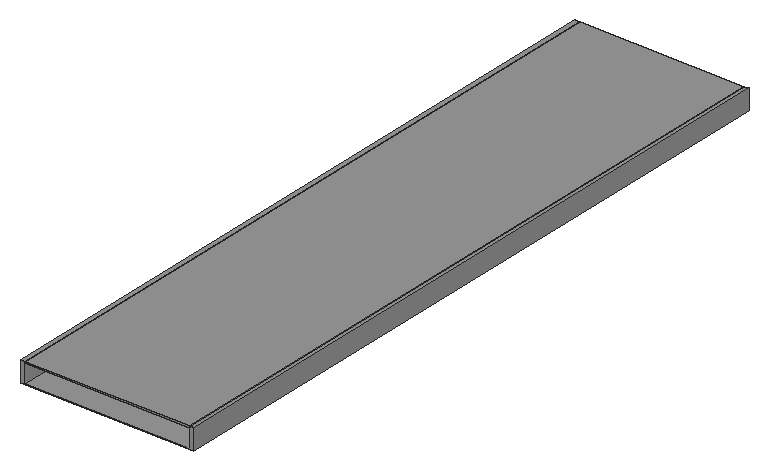
Revit family "OKA-W Installationskanal für System 55", category Generic Models, Revit 2015
Parameters (values of type "OKA-W6004030")
  Width = 600 mm
  URL = "http://www.obo-bettermann.com"
  Material = Steel, Galvanized
  Manufacturer Art. No. = "7424408"
  Manufacturer = "OBO Bettermann"
  Length [instance] = 2400 mm
  HeightCalc [instance] = if(Height < 40 mm, 40 mm, (if(Height > 70 mm, 70 mm, Height)))  # 70 mm
  Height [instance] = 140 mm
  GTIN = "4012195244189\r\n4012195244189"
  Article Type = "OKA-W6004030"
Types (6, lengths in mm): name | Width | Manufacturer Art. No. | GTIN | Article Type
  (no name) | 600 | "7424408" | "4012195244189\r\n4012195244189" | "OKA-W6004030"
  OKA-W2004030 | 200 | "7424400" | "4012195244127" | "OKA-W2004030"
  OKA-W3004030 | 300 | "7424402" | "4012195244134" | "OKA-W3004030"
  OKA-W4004030 | 400 | "7424404" | "4012195244141\r\n\r\n4012195244141\r\n4012195244141" | "OKA-W4004030"
  OKA-W5004030 | 500 | "7424406" | "4012195244172\r\n4012195244172" | "OKA-W5004030"
  OKA-W6004030 | 600 | "7424408" | "4012195244189\r\n4012195244189" | "OKA-W6004030"
Reference planes
  plane 1 "Center (Front/Back)": y = 0
  plane 2: z = 0
  plane 3 "Center (Left/Right)": x = 0
  plane 4: z = 70
  plane 5: y = -2400
  plane 6: x = 300
  plane 7: x = -300
Forms (mm)
  Extrusion 1, solid, material "Aluminum 6061"
    sketch origin (0, 0, 0) x (1, 0, 0) y (0, 0, 1)
      loop
        line (285, 70) -> (285, 1) -> (-285, 1) -> (-285, 70) -> (-300, 70) -> (-300, 0) -> (300, 0) -> (300, 70) -> (285, 70)
    from 0 to 2400
  Extrusion 2, solid, material "Steel, Galvanized" <- "Material"
    sketch origin (0, 0, 0) x (1, 0, 0) y (0, 0, 1)
      loop
        line (285, 66) -> (285, 70) -> (-285, 70) -> (-285, 66) -> (285, 66)
    from 0 to 2400
Lines and regions (mm)
  model lines
    curve 1: line (-300, 0, 70) -> (-285, 0, 70)
    curve 2: line (-285, 0, 70) -> (-285, 0, 0)
    curve 3: line (-285, 0, 0) -> (-535, 0, 0)
    curve 4: line (-535, 0, 0) -> (-535, 0, 1)
    curve 5: line (-535, 0, 1) -> (-300, 0, 1)
    curve 6: line (-300, 0, 1) -> (-300, 0, 70)
    curve 7: line (285, 0, 70) -> (285, 0, 0)
    curve 8: line (285, 0, 0) -> (535, 0, 0)
    curve 9: line (535, 0, 0) -> (535, 0, 1)
    curve 10: line (535, 0, 1) -> (300, 0, 1)
    curve 11: line (300, 0, 1) -> (300, 0, 70)
    curve 12: line (300, 0, 70) -> (285, 0, 70)
    curve 13: line (285, 0, 70) -> (285, 0, 0)
    curve 14: line (-285, 0, 0) -> (-285, 0, 70)
    curve 15: line (-285, 0, 70) -> (285, 0, 70)
    curve 16: line (-285, 0, 66) -> (285, 0, 66)
Dimensions and locks
  locked: curve 5 to curve 3 at 1
  locked: curve 2 to curve 6 at 15
  locked: curve 10 to curve 8 at 1
  locked: curve 2 to curve 4 at 250
  locked: curve 9 to curve 7 at 250
  locked: curve 11 to curve 7 at 15
  "Length": plane 1 "Center (Front/Back)" to plane 5
  equal spacing: plane 7, plane 3 "Center (Left/Right)", plane 6
  "Width": plane 7 to plane 6
  "HeightCalc": level to plane 4
  locked: curve 16 to curve 15 at 4
  aligned and locked: level to plane 2
  aligned and locked: level to curve 3
  aligned and locked: curve 6 to plane 7
  aligned and locked: curve 11 to plane 6
  aligned and locked: plane 4 to curve 1
  aligned and locked: curve 8 to level
  aligned and locked: Extrusion 1 sketch curve to curve 13
  aligned and locked: Extrusion 1 sketch curve to curve 12
  aligned and locked: Extrusion 1 sketch curve to curve 11
  aligned and locked: Extrusion 1 sketch curve to curve 6
  aligned and locked: curve 14 to Extrusion 1 sketch curve
  aligned and locked: Extrusion 1 sketch curve to curve 1
  aligned and locked: Extrusion 1 to plane 5
  aligned and locked: Extrusion 2 sketch curve to curve 16
  aligned and locked: Extrusion 2 sketch curve to curve 15
  aligned and locked: Extrusion 2 sketch curve to curve 2
  aligned and locked: Extrusion 2 sketch curve to curve 7
  aligned and locked: Extrusion 2 to plane 5
  aligned and locked: curve 5 to Extrusion 1 sketch curve
Automatic sketch dimensions
  Extrusion 1 sketch curve to level = 0 mm
